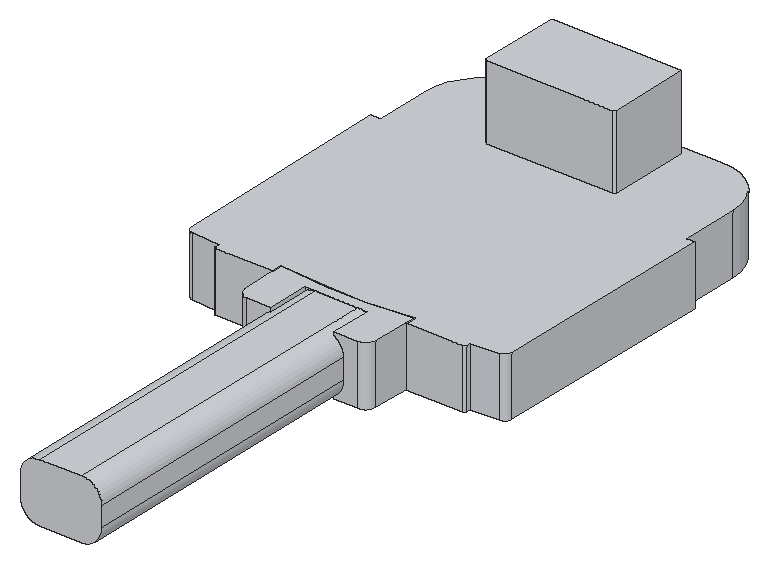
Revit family "Deca_Caixa de descarga embutida para alvenaria e drywall para bacia de piso_Caixa embutida Hydra_2500.CX.AF", category Plumbing Fixtures, host Face, Revit 2019
Family settings
  Host = Face
  Round Connector Dimension = Use Radius
  Part Type = Normal
  Cut with Voids When Loaded = Yes
  Shared = No
  Room Calculation Point = No
Parameters (values of type "2500.CX.MC.AF")
  Visibilidade Mecanismo Interno = yes
  Vazão na Pressão mín. (L/min) = "-"
  Vazão na Pressão máx. (L/min) = "-"
  URL = "www.deca.com.br"
  Tipo de rosca de saída = "BSP NBR 8133"
  Tipo de rosca de entrada = "BSP NBR 8133"
  Tipo de mecanismo utilizado = "-"
  Tipo de dispositivo economizador = "-"
  Segmento = "Válvula Hydra"
  Saída de Esgoto = "-"
  Raio Água Fria Saída = 20 mm  # constant formula
  Raio Água Fria = 7.5 mm  # constant formula
  Pressão mín. funcionamento = "2 MCA"
  Pressão mín. Aquec. Passagem = "-"
  Pressão mín. Aquec. Acúmulo = "-"
  Pressão máx. funcionamento = "40 MCA"
  Peso Líquido (Kg) = 3.835
  Norma = "NBR15491"
  Model = "2500.CX.MC.AF"
  Manufacturer = "Deca"
  Linha = "Caixa embutida Hydra"
  Itens de Instalação = "4900.C.HPR.DUO; 4900.C.HSL.DUO; 4900.E.HSL.DUO.BR"
  Informações Complementares = "-"
  Diâmetro Água Fria Saída = 2 * Raio Água Fria Saída  # 40 mm
  Diâmetro Água Fria = 2 * Raio Água Fria  # 15 mm
  Distância [instance] = 30 mm
  Description = "Caixa de descarga embutida para alvenaria e drywall para bacia de piso"
  Default Elevation = 330 mm
  Código Pai = "2500.CX.AF"
  Criado por = "quattroD"
  Cores Componente = "-"
  Cor Secundária = "-"
  Cor Principal = "Não Possui"
  Cor Interna = "-"
  Consumo = "6 / 3 (lpf) - 1,6 / 0,8 (gpf)"
  Composição Componente = "-"
  Composição Básica = "Liga cobre (bronze e latão),Aço,Plástico de Engenharia,Elastômeros"
  Composição Assento = "-"
  Composição Anel Vedação = "-"
  Categoria = "SISTEMAS DE DESCARGA"
  Atendimento ao Cliente = "0800-0117073"
  Aprovado por = "quattroD"
  Acompanha o Produto = "Acompanha Spud e Canopla"
Reference planes
  plane 1 "Center (Front/Back)": y = 0
  plane 2: z = 0
  plane 3 "Center (Left/Right)": x = 16.825
  plane 4: z = -30
  plane 5: z = -40
Forms (mm)
  Extrusion 1, void
    sketch origin (0, 0, 0) x (0, 1, 0) y (1, 0, 0)
      loop
        circle (54.916, 16.825) r 40
      loop
        line (978.347, 108.924) -> (865.456, 108.726) -> (862.75, 106.02) -> (862.75, -72.37) -> (865.456, -75.076) -> (978.544, -75.076) -> (981.25, -72.37) -> (981.25, 106.02) -> (978.347, 108.924)
    from 125.754 to -250
  Extrusion 2, solid
    sketch origin (46.555, 0, -49.254) x (-1, 0, 0) y (0, -1, 0)
      loop
        line (118.925, -981.25) -> (121.631, -978.544) -> (121.631, -865.456) -> (118.925, -862.75) -> (-59.465, -862.75) -> (-62.369, -865.653) -> (-62.172, -978.544) -> (-59.465, -981.25) -> (118.925, -981.25)
    from 104.448 to 0
  Extrusion 3, solid
    sketch origin (-40.675, 0, -115.754) x (1, 0, 0) y (0, 0, 1)
      loop
        line (0, 38.73) -> (0, 10.224)
        arc (0, 10.224) -> (8.134, -9.413) -> (27.77, -17.546) r 27.77
        line (27.77, -17.546) -> (87.23, -17.546)
        arc (87.23, -17.546) -> (106.866, -9.413) -> (115, 10.224) r 27.77
        line (115, 10.224) -> (115, 38.73)
        arc (115, 38.73) -> (106.866, 58.366) -> (87.23, 66.5) r 27.77
        line (87.23, 66.5) -> (27.77, 66.5)
        arc (27.77, 66.5) -> (8.134, 58.366) -> (0, 38.73) r 27.77
    from 0 to -486
  Extrusion 4, solid
    sketch origin (46.555, 0, -49.254) x (-1, 0, 0) y (0, -1, 0)
      loop
        arc (255.806, -512.926) -> (253.149, -506.225) -> (246.678, -503.051) r 10
        line (246.678, -503.051) -> (207.23, -499.6) -> (207.23, -494.7)
        arc (207.23, -494.7) -> (206.351, -492.579) -> (204.23, -491.7) r 3
        line (204.23, -491.7) -> (123.824, -491.7) -> (124.359, -507.02) -> (57.061, -501.132) -> (2.399, -501.132) -> (-64.9, -507.02) -> (-64.365, -491.7) -> (-144.77, -491.7)
        arc (-144.77, -491.7) -> (-146.892, -492.579) -> (-147.77, -494.7) r 3
        line (-147.77, -494.7) -> (-147.77, -499.6) -> (-187.218, -503.051)
        arc (-187.218, -503.051) -> (-193.69, -506.225) -> (-196.346, -512.926) r 10
        line (-196.346, -512.926) -> (-199.139, -833) -> (-188.152, -833) -> (-188.152, -914)
        arc (-188.152, -914) -> (-164.5, -969.55) -> (-108.064, -991) r 77.06
        line (-108.064, -991) -> (164.642, -991)
        arc (164.642, -991) -> (221.078, -969.55) -> (244.73, -914) r 77.06
        line (244.73, -914) -> (244.73, -833) -> (258.599, -833) -> (255.806, -512.926)
    from 0 to -84.046
  Extrusion 5, solid
    sketch origin (0, 0, 10) x (1, 0, 0) y (0, 0, 1)
      loop
        circle (-50.675, -98.991) r 13.036
    from -991 to -1024.15
  Extrusion 6, solid
    sketch origin (46.555, 0, -49.254) x (-1, 0, 0) y (0, -1, 0)
      loop
        arc (122.035, -440.477) -> (117.795, -430.24) -> (107.559, -426) r 14.477
        line (107.559, -426) -> (73.73, -426) -> (73.73, -486) -> (-14.27, -486) -> (-14.27, -426) -> (-48.099, -426)
        arc (-48.099, -426) -> (-58.336, -430.24) -> (-62.576, -440.477) r 14.477
        line (-62.576, -440.477) -> (-64.9, -507.02) -> (2.399, -501.132) -> (57.061, -501.132) -> (124.359, -507.02) -> (122.035, -440.477)
    from 0 to -84.046
  Extrusion 7, solid, not visible
    sketch origin (46.555, 0, -59.254) x (-1, 0, 0) y (0, -1, 0)
      loop
        line (118.925, -981.25) -> (121.631, -978.544) -> (121.631, -865.456) -> (118.925, -862.75) -> (-59.465, -862.75) -> (-62.369, -865.653) -> (-62.172, -978.544) -> (-59.465, -981.25) -> (118.925, -981.25)
    from 104.448 to 0
  Extrusion 8, solid, not visible
    sketch origin (-40.675, 0, -125.754) x (1, 0, 0) y (0, 0, 1)
      loop
        line (0, 38.73) -> (0, 10.224)
        arc (0, 10.224) -> (8.134, -9.413) -> (27.77, -17.546) r 27.77
        line (27.77, -17.546) -> (87.23, -17.546)
        arc (87.23, -17.546) -> (106.866, -9.413) -> (115, 10.224) r 27.77
        line (115, 10.224) -> (115, 38.73)
        arc (115, 38.73) -> (106.866, 58.366) -> (87.23, 66.5) r 27.77
        line (87.23, 66.5) -> (27.77, 66.5)
        arc (27.77, 66.5) -> (8.134, 58.366) -> (0, 38.73) r 27.77
    from 0 to -486
  Extrusion 9, solid, not visible
    sketch origin (46.555, 0, -59.254) x (-1, 0, 0) y (0, -1, 0)
      loop
        arc (255.806, -512.926) -> (253.149, -506.225) -> (246.678, -503.051) r 10
        line (246.678, -503.051) -> (207.23, -499.6) -> (207.23, -494.7)
        arc (207.23, -494.7) -> (206.351, -492.579) -> (204.23, -491.7) r 3
        line (204.23, -491.7) -> (123.824, -491.7) -> (124.359, -507.02) -> (57.061, -501.132) -> (2.399, -501.132) -> (-64.9, -507.02) -> (-64.365, -491.7) -> (-144.77, -491.7)
        arc (-144.77, -491.7) -> (-146.892, -492.579) -> (-147.77, -494.7) r 3
        line (-147.77, -494.7) -> (-147.77, -499.6) -> (-187.218, -503.051)
        arc (-187.218, -503.051) -> (-193.69, -506.225) -> (-196.346, -512.926) r 10
        line (-196.346, -512.926) -> (-199.139, -833) -> (-188.152, -833) -> (-188.152, -914)
        arc (-188.152, -914) -> (-164.5, -969.55) -> (-108.064, -991) r 77.06
        line (-108.064, -991) -> (164.642, -991)
        arc (164.642, -991) -> (221.078, -969.55) -> (244.73, -914) r 77.06
        line (244.73, -914) -> (244.73, -833) -> (258.599, -833) -> (255.806, -512.926)
    from 0 to -84.046
  Extrusion 10, solid, not visible
    sketch origin (0, 0, 0) x (1, 0, 0) y (0, 0, 1)
      loop
        circle (-50.675, -98.991) r 13.036
    from -991 to -1024.15
  Extrusion 11, solid, not visible
    sketch origin (46.555, 0, -59.254) x (-1, 0, 0) y (0, -1, 0)
      loop
        arc (122.035, -440.477) -> (117.795, -430.24) -> (107.559, -426) r 14.477
        line (107.559, -426) -> (73.73, -426) -> (73.73, -486) -> (-14.27, -486) -> (-14.27, -426) -> (-48.099, -426)
        arc (-48.099, -426) -> (-58.336, -430.24) -> (-62.576, -440.477) r 14.477
        line (-62.576, -440.477) -> (-64.9, -507.02) -> (2.399, -501.132) -> (57.061, -501.132) -> (124.359, -507.02) -> (122.035, -440.477)
    from 0 to -84.046
Cuts and joins
  Extrusion 1 cuts ?
  Extrusion 1 cuts ?
  Extrusion 1 cuts ?
  Extrusion 1 cuts ?
Lines and regions (mm)
  Masking region 1, visible <- "Visibilidade Mecanismo Interno", detail levels fine
    outline origin (-2025.602, -762.455, 0) x (1, 0, 0) y (0, 1, 0)
      loop
        arc (2260.427, 1643.455) -> (2261.892, 1646.99) -> (2265.427, 1648.455) r 5
        line (2265.427, 1648.455) -> (2309.927, 1648.455)
        arc (2309.927, 1648.455) -> (2310.634, 1648.162) -> (2310.927, 1647.455) r 1
        line (2310.927, 1647.455) -> (2310.927, 1599.455)
        arc (2310.927, 1599.455) -> (2310.634, 1598.747) -> (2309.927, 1598.455) r 1
        line (2309.927, 1598.455) -> (2265.427, 1598.455)
        arc (2265.427, 1598.455) -> (2261.892, 1599.919) -> (2260.427, 1603.455) r 5
        line (2260.427, 1603.455) -> (2260.427, 1623.455) -> (2255.79, 1623.455) -> (2255.79, 1595.682)
        spline (2255.79, 1595.682) -> (2255.923, 1595.646) -> (2256.057, 1595.613) -> (2256.192, 1595.583) -> (2256.328, 1595.556) -> (2256.464, 1595.532) -> (2256.601, 1595.512) -> (2256.738, 1595.494) -> (2256.875, 1595.48) -> (2257.013, 1595.469) -> (2257.151, 1595.461) -> (2257.289, 1595.456) -> (2257.427, 1595.455)
        line (2257.427, 1595.455) -> (2271.296, 1595.455) -> (2268.503, 1275.381)
        arc (2268.503, 1275.381) -> (2265.847, 1268.68) -> (2259.375, 1265.506) r 10
        line (2259.375, 1265.506) -> (2219.927, 1262.055) -> (2219.927, 1257.155)
        arc (2219.927, 1257.155) -> (2219.049, 1255.033) -> (2216.927, 1254.155) r 3
        line (2216.927, 1254.155) -> (2136.522, 1254.155) -> (2134.733, 1202.931)
        arc (2134.733, 1202.931) -> (2130.493, 1192.695) -> (2120.256, 1188.455) r 14.477
        line (2120.256, 1188.455) -> (2107.427, 1188.455) -> (2107.427, 917.329)
        arc (2107.427, 917.329) -> (2105.734, 912.074) -> (2101.291, 908.796) r 9
        arc (2101.291, 908.796) -> (2100.318, 908.088) -> (2099.927, 906.95) r 2.001
        line (2099.927, 906.95) -> (2099.927, 774.455)
        arc (2099.927, 774.455) -> (2096.413, 765.969) -> (2087.927, 762.455) r 12
        line (2087.927, 762.455) -> (1996.927, 762.455)
        arc (1996.927, 762.455) -> (1988.442, 765.969) -> (1984.927, 774.455) r 12
        line (1984.927, 774.455) -> (1984.927, 906.9)
        arc (1984.927, 906.9) -> (1984.551, 908.068) -> (1983.564, 908.796) r 2
        arc (1983.564, 908.796) -> (1979.121, 912.074) -> (1977.427, 917.329) r 9
        line (1977.427, 917.329) -> (1977.427, 1188.455) -> (1964.598, 1188.455)
        arc (1964.598, 1188.455) -> (1954.362, 1192.695) -> (1950.122, 1202.931) r 14.477
        line (1950.122, 1202.931) -> (1948.333, 1254.155) -> (1867.927, 1254.155)
        arc (1867.927, 1254.155) -> (1865.806, 1255.033) -> (1864.927, 1257.155) r 3
        line (1864.927, 1257.155) -> (1864.927, 1262.055) -> (1825.48, 1265.506)
        arc (1825.48, 1265.506) -> (1819.008, 1268.68) -> (1816.352, 1275.381) r 10
        line (1816.352, 1275.381) -> (1813.558, 1595.455) -> (1827.427, 1595.455)
        spline (1827.427, 1595.455) -> (1827.667, 1595.459) -> (1827.905, 1595.474) -> (1828.143, 1595.497) -> (1828.38, 1595.531) -> (1828.616, 1595.573) -> (1828.849, 1595.626) -> (1829.081, 1595.687) -> (1829.309, 1595.757) -> (1829.535, 1595.837) -> (1829.757, 1595.925) -> (1829.976, 1596.023) -> (1830.19, 1596.129)
        line (1830.19, 1596.129) -> (1830.19, 1623.455) -> (1824.869, 1623.455)
        arc (1824.869, 1623.455) -> (1824.83, 1619.874) -> (1824.617, 1616.3) r 73.649
        arc (1824.617, 1616.3) -> (1824.475, 1613.818) -> (1824.427, 1611.333) r 65.312
        line (1824.427, 1611.333) -> (1824.427, 1603.455)
        arc (1824.427, 1603.455) -> (1822.963, 1599.919) -> (1819.427, 1598.455) r 5
        line (1819.427, 1598.455) -> (1774.927, 1598.455)
        arc (1774.927, 1598.455) -> (1774.22, 1598.747) -> (1773.927, 1599.455) r 1
        line (1773.927, 1599.455) -> (1773.927, 1627.911) -> (1762.526, 1627.911) -> (1762.526, 1740.998) -> (1843.927, 1740.998) -> (1843.927, 1776.205)
        arc (1843.927, 1776.205) -> (1845.742, 1781.708) -> (1850.475, 1785.051) r 9.25
        arc (1850.475, 1785.051) -> (1873.27, 1788.455) -> (1896.065, 1785.051) r 78.036
        arc (1896.065, 1785.051) -> (1900.552, 1782.027) -> (1902.579, 1777.01) r 9.251
        line (1902.579, 1777.01) -> (1904.64, 1753.455) -> (1952.927, 1753.455) -> (1952.927, 1760.105)
        arc (1952.927, 1760.105) -> (1953.323, 1761.059) -> (1954.277, 1761.455) r 1.35
        line (1954.277, 1761.455) -> (1965.627, 1761.455) -> (1965.627, 1766.105) -> (1964.527, 1766.105) -> (1964.132, 1767.597) -> (1964.132, 1774.207) -> (1965.627, 1775.105) -> (1965.627, 1786.605) -> (1984.227, 1786.605) -> (1984.227, 1775.105) -> (1985.727, 1774.205) -> (1985.727, 1767.597) -> (1985.327, 1766.105) -> (1984.227, 1766.105) -> (1984.227, 1761.455) -> (1995.577, 1761.455)
        arc (1995.577, 1761.455) -> (1996.551, 1761.04) -> (1996.926, 1760.05) r 1.35
        line (1996.926, 1760.05) -> (1996.926, 1753.455) -> (2020.427, 1753.455) -> (2020.427, 1760.105)
        arc (2020.427, 1760.105) -> (2020.823, 1761.059) -> (2021.777, 1761.455) r 1.35
        line (2021.777, 1761.455) -> (2063.077, 1761.455)
        arc (2063.077, 1761.455) -> (2064.032, 1761.059) -> (2064.427, 1760.105) r 1.35
        line (2064.427, 1760.105) -> (2064.427, 1753.455) -> (2087.927, 1753.455) -> (2087.927, 1760.105)
        arc (2087.927, 1760.105) -> (2088.323, 1761.059) -> (2089.277, 1761.455) r 1.35
        line (2089.277, 1761.455) -> (2130.577, 1761.455)
        arc (2130.577, 1761.455) -> (2131.532, 1761.059) -> (2131.927, 1760.105) r 1.35
        line (2131.927, 1760.105) -> (2131.927, 1753.455) -> (2180.221, 1753.455) -> (2182.276, 1777.011)
        arc (2182.276, 1777.011) -> (2184.3, 1782.024) -> (2188.781, 1785.049) r 9.247
        arc (2188.781, 1785.049) -> (2211.528, 1788.511) -> (2234.275, 1785.049) r 76.467
        arc (2234.275, 1785.049) -> (2239.088, 1781.741) -> (2240.941, 1776.203) r 9.202
        line (2240.941, 1776.203) -> (2240.941, 1728.493)
        arc (2240.941, 1728.493) -> (2255.292, 1704.211) -> (2260.309, 1676.455) r 79.877
        line (2260.309, 1676.455) -> (2260.309, 1643.455)
  Masking region 2, visible <- "Visibilidade Mecanismo Interno", detail levels fine
    outline origin (16.825, -1592.927, -1975.205) x (0, 1, 0) y (0, 0, 1)
      loop
        line (2455.677, 1945.205) -> (2449.677, 1945.205) -> (2449.677, 1943.645) -> (2455.677, 1943.645) -> (2455.677, 1940.399) -> (2449.677, 1940.399) -> (2449.677, 1935.149) -> (2580.177, 1935.149) -> (2580.177, 1940.399) -> (2574.177, 1940.399) -> (2574.177, 1943.645) -> (2580.177, 1943.645) -> (2580.177, 1945.205) -> (2574.177, 1945.205) -> (2574.177, 2030.399) -> (2455.677, 2030.399) -> (2455.677, 1945.205)
      loop
        line (1601.027, 1925.952) -> (1694.827, 1925.952) -> (1694.827, 1969.952)
        arc (1694.827, 1969.952) -> (1694.534, 1970.659) -> (1693.827, 1970.952) r 1
        line (1693.827, 1970.952) -> (1602.027, 1970.952)
        arc (1602.027, 1970.952) -> (1601.319, 1970.659) -> (1601.027, 1969.952) r 1
        line (1601.027, 1969.952) -> (1601.027, 1925.952)
  Masking region 3, visible <- "Visibilidade Mecanismo Interno", detail levels fine
    outline origin (16.825, -1592.927, -1975.205) x (0, 1, 0) y (0, 0, 1)
      loop
        arc (1592.927, 1858.452) -> (1596.441, 1849.966) -> (1604.927, 1846.452) r 12
        line (1604.927, 1846.452) -> (2095.086, 1846.452)
        arc (2095.086, 1846.452) -> (2098.087, 1845.459) -> (2101.229, 1845.118) r 15
        line (2101.229, 1845.118) -> (2390.927, 1844.336) -> (2390.927, 1842.836) -> (2440.927, 1842.702) -> (2440.927, 1849.702) -> (2453.927, 1849.702) -> (2453.927, 1848.254) -> (2574.227, 1848.254)
        arc (2574.227, 1848.254) -> (2581.085, 1851.095) -> (2583.927, 1857.954) r 9.7
        line (2583.927, 1857.954) -> (2583.927, 1859.748) -> (2584.764, 1859.821)
        arc (2584.764, 1859.821) -> (2585.454, 1860.098) -> (2585.91, 1860.685) r 1.423
        arc (2585.91, 1860.685) -> (2586.155, 1861.364) -> (2586.331, 1862.064) r 7.257
        arc (2586.331, 1862.064) -> (2586.502, 1863.128) -> (2586.59, 1864.202) r 14.058
        line (2586.59, 1864.202) -> (2590.577, 1864.202)
        arc (2590.577, 1864.202) -> (2591.531, 1864.597) -> (2591.927, 1865.552) r 1.35
        line (2591.927, 1865.552) -> (2591.927, 1876.902) -> (2596.577, 1876.902) -> (2605.577, 1876.902) -> (2617.077, 1876.902) -> (2617.077, 1895.502) -> (2605.577, 1895.502) -> (2596.577, 1895.502) -> (2591.927, 1895.502) -> (2591.927, 1906.852)
        arc (2591.927, 1906.852) -> (2591.531, 1907.806) -> (2590.577, 1908.202) r 1.35
        line (2590.577, 1908.202) -> (2583.927, 1908.202) -> (2583.927, 1914.449)
        arc (2583.927, 1914.449) -> (2581.085, 1921.308) -> (2574.227, 1924.149) r 9.7
        line (2574.227, 1924.149) -> (2581.927, 1924.149) -> (2581.927, 1935.149) -> (2456.927, 1935.149) -> (2456.927, 1924.149) -> (2453.927, 1924.149) -> (2453.927, 1919.599) -> (2441.247, 1919.599) -> (2441.247, 1929.702) -> (2390.904, 1929.567) -> (2390.904, 1928.067) -> (2116.685, 1927.327) -> (2078.927, 1925.952) -> (1592.927, 1925.952) -> (1592.927, 1858.452)
  Masking region 4, visible <- "Visibilidade Mecanismo Interno", detail levels fine
    outline origin (-1648.315, 0, -2324.929) x (1, 0, 0) y (0, 0, 1)
      loop
        line (1573.239, 2380.122) -> (1573.239, 2294.929) -> (1567.239, 2294.929) -> (1567.343, 2293.369) -> (1573.338, 2293.369) -> (1573.338, 2290.123) -> (1622.339, 2290.123) -> (1622.339, 2284.873) -> (1708.139, 2284.873) -> (1708.139, 2290.123) -> (1757.141, 2290.123) -> (1757.141, 2293.369) -> (1763.239, 2293.369) -> (1763.239, 2294.929) -> (1757.141, 2294.929) -> (1757.141, 2380.122) -> (1573.239, 2380.122)
  Masking region 5, visible <- "Visibilidade Mecanismo Interno", detail levels fine
    outline origin (-1648.315, 0, -2324.929) x (1, 0, 0) y (0, 0, 1)
      loop
        line (1621.239, 2284.873) -> (1621.239, 2277.925) -> (1471.228, 2277.925) -> (1465.014, 2277.912) -> (1462.387, 2276.885) -> (1446.37, 2276.885)
        spline (1446.37, 2276.885) -> (1445.065, 2276.799) -> (1443.782, 2276.544) -> (1442.543, 2276.124) -> (1441.37, 2275.545) -> (1440.283, 2274.818) -> (1439.299, 2273.956) -> (1438.437, 2272.973) -> (1437.71, 2271.885) -> (1437.131, 2270.712) -> (1436.711, 2269.473) -> (1436.456, 2268.19) -> (1436.37, 2266.885)
        line (1436.37, 2266.885) -> (1436.37, 2265.586) -> (1436.239, 2264.425) -> (1436.239, 2249.925) -> (1396.739, 2249.925) -> (1396.739, 2241.925) -> (1421.239, 2241.925) -> (1421.239, 2231.925) -> (1422.959, 2228.947) -> (1425.489, 2228.925)
        arc (1425.489, 2228.925) -> (1433.806, 2223.365) -> (1431.846, 2213.554) r 9
        line (1431.846, 2213.554) -> (1436.239, 2205.945) -> (1436.239, 2199.425) -> (1438.045, 2199.425)
        spline (1438.045, 2199.425) -> (1438.527, 2198.762) -> (1439.061, 2198.141) -> (1439.644, 2197.565) -> (1440.273, 2197.04) -> (1440.942, 2196.567) -> (1441.648, 2196.151) -> (1442.386, 2195.794) -> (1443.15, 2195.498) -> (1443.936, 2195.267) -> (1444.738, 2195.1) -> (1445.551, 2194.999) -> (1446.37, 2194.966)
        line (1446.37, 2194.966) -> (1462.387, 2194.966) -> (1465.014, 2193.939) -> (1469.863, 2193.928) -> (1663.737, 2193.928) -> (1664.857, 2192.603)
        arc (1664.857, 2192.603) -> (1665.239, 2192.425) -> (1665.621, 2192.603) r 0.5
        line (1665.621, 2192.603) -> (1666.739, 2193.925) -> (1860.616, 2193.925) -> (1865.464, 2193.939) -> (1868.096, 2194.944) -> (1884.108, 2194.966)
        spline (1884.108, 2194.966) -> (1884.927, 2194.999) -> (1885.74, 2195.1) -> (1886.542, 2195.267) -> (1887.328, 2195.498) -> (1888.093, 2195.794) -> (1888.83, 2196.151) -> (1889.536, 2196.567) -> (1890.206, 2197.04) -> (1890.834, 2197.565) -> (1891.417, 2198.141) -> (1891.952, 2198.762) -> (1892.433, 2199.425)
        line (1892.433, 2199.425) -> (1894.239, 2199.425) -> (1894.239, 2205.945) -> (1898.633, 2213.554)
        arc (1898.633, 2213.554) -> (1896.672, 2223.365) -> (1904.989, 2228.925) r 9
        line (1904.989, 2228.925) -> (1907.52, 2228.947) -> (1909.239, 2231.925) -> (1909.239, 2241.925) -> (1933.739, 2241.925) -> (1933.739, 2249.925) -> (1894.239, 2249.925) -> (1894.239, 2264.413) -> (1894.108, 2265.314) -> (1894.108, 2266.885)
        spline (1894.108, 2266.885) -> (1894.023, 2268.19) -> (1893.768, 2269.473) -> (1893.347, 2270.712) -> (1892.769, 2271.885) -> (1892.042, 2272.973) -> (1891.179, 2273.956) -> (1890.196, 2274.818) -> (1889.108, 2275.545) -> (1887.935, 2276.124) -> (1886.696, 2276.544) -> (1885.413, 2276.799) -> (1884.108, 2276.885)
        line (1884.108, 2276.885) -> (1880.24, 2276.885)
        spline (1880.24, 2276.885) -> (1879.904, 2276.885) -> (1879.57, 2276.885) -> (1879.238, 2276.885) -> (1878.909, 2276.885) -> (1878.584, 2276.885) -> (1878.264, 2276.886) -> (1877.951, 2276.886) -> (1877.645, 2276.886) -> (1877.346, 2276.887) -> (1877.057, 2276.887) -> (1876.778, 2276.888) -> (1876.509, 2276.888)
        line (1876.509, 2276.888) -> (1868.092, 2276.906) -> (1865.464, 2277.912) -> (1859.25, 2277.925) -> (1708.202, 2277.925) -> (1708.139, 2284.873) -> (1621.239, 2284.873)
  Masking region 6, visible <- "Visibilidade Mecanismo Interno", not visible, detail levels fine
    outline origin (16.825, -1592.927, -2005.205) x (0, 1, 0) y (0, 0, 1)
      loop
        line (2455.677, 1945.205) -> (2449.677, 1945.205) -> (2449.677, 1943.645) -> (2455.677, 1943.645) -> (2455.677, 1940.399) -> (2449.677, 1940.399) -> (2449.677, 1935.149) -> (2580.177, 1935.149) -> (2580.177, 1940.399) -> (2574.177, 1940.399) -> (2574.177, 1943.645) -> (2580.177, 1943.645) -> (2580.177, 1945.205) -> (2574.177, 1945.205) -> (2574.177, 2030.399) -> (2455.677, 2030.399) -> (2455.677, 1945.205)
      loop
        line (1601.027, 1925.952) -> (1694.827, 1925.952) -> (1694.827, 1969.952)
        arc (1694.827, 1969.952) -> (1694.534, 1970.659) -> (1693.827, 1970.952) r 1
        line (1693.827, 1970.952) -> (1602.027, 1970.952)
        arc (1602.027, 1970.952) -> (1601.319, 1970.659) -> (1601.027, 1969.952) r 1
        line (1601.027, 1969.952) -> (1601.027, 1925.952)
  Masking region 7, visible <- "Visibilidade Mecanismo Interno", not visible, detail levels fine
    outline origin (16.825, -1592.927, -2005.205) x (0, 1, 0) y (0, 0, 1)
      loop
        arc (1592.927, 1858.452) -> (1596.441, 1849.966) -> (1604.927, 1846.452) r 12
        line (1604.927, 1846.452) -> (2095.086, 1846.452)
        arc (2095.086, 1846.452) -> (2098.087, 1845.459) -> (2101.229, 1845.118) r 15
        line (2101.229, 1845.118) -> (2390.927, 1844.336) -> (2390.927, 1842.836) -> (2440.927, 1842.702) -> (2440.927, 1849.702) -> (2453.927, 1849.702) -> (2453.927, 1848.254) -> (2574.227, 1848.254)
        arc (2574.227, 1848.254) -> (2581.085, 1851.095) -> (2583.927, 1857.954) r 9.7
        line (2583.927, 1857.954) -> (2583.927, 1859.748) -> (2584.764, 1859.821)
        arc (2584.764, 1859.821) -> (2585.454, 1860.098) -> (2585.91, 1860.685) r 1.423
        arc (2585.91, 1860.685) -> (2586.155, 1861.364) -> (2586.331, 1862.064) r 7.257
        arc (2586.331, 1862.064) -> (2586.502, 1863.128) -> (2586.59, 1864.202) r 14.058
        line (2586.59, 1864.202) -> (2590.577, 1864.202)
        arc (2590.577, 1864.202) -> (2591.531, 1864.597) -> (2591.927, 1865.552) r 1.35
        line (2591.927, 1865.552) -> (2591.927, 1876.902) -> (2596.577, 1876.902) -> (2605.577, 1876.902) -> (2617.077, 1876.902) -> (2617.077, 1895.502) -> (2605.577, 1895.502) -> (2596.577, 1895.502) -> (2591.927, 1895.502) -> (2591.927, 1906.852)
        arc (2591.927, 1906.852) -> (2591.531, 1907.806) -> (2590.577, 1908.202) r 1.35
        line (2590.577, 1908.202) -> (2583.927, 1908.202) -> (2583.927, 1914.449)
        arc (2583.927, 1914.449) -> (2581.085, 1921.308) -> (2574.227, 1924.149) r 9.7
        line (2574.227, 1924.149) -> (2581.927, 1924.149) -> (2581.927, 1935.149) -> (2456.927, 1935.149) -> (2456.927, 1924.149) -> (2453.927, 1924.149) -> (2453.927, 1919.599) -> (2441.247, 1919.599) -> (2441.247, 1929.702) -> (2390.904, 1929.567) -> (2390.904, 1928.067) -> (2116.685, 1927.327) -> (2078.927, 1925.952) -> (1592.927, 1925.952) -> (1592.927, 1858.452)
  Masking region 8, visible <- "Visibilidade Mecanismo Interno", not visible, detail levels fine
    outline origin (-1648.315, 0, -2314.929) x (1, 0, 0) y (0, 0, 1)
      loop
        line (1573.239, 2380.122) -> (1573.239, 2294.929) -> (1567.239, 2294.929) -> (1567.343, 2293.369) -> (1573.338, 2293.369) -> (1573.338, 2290.123) -> (1622.339, 2290.123) -> (1622.339, 2284.873) -> (1708.139, 2284.873) -> (1708.139, 2290.123) -> (1757.141, 2290.123) -> (1757.141, 2293.369) -> (1763.239, 2293.369) -> (1763.239, 2294.929) -> (1757.141, 2294.929) -> (1757.141, 2380.122) -> (1573.239, 2380.122)
  Masking region 9, visible <- "Visibilidade Mecanismo Interno", not visible, detail levels fine
    outline origin (-1648.315, 0, -2314.929) x (1, 0, 0) y (0, 0, 1)
      loop
        line (1621.239, 2284.873) -> (1621.239, 2277.925) -> (1471.228, 2277.925) -> (1465.014, 2277.912) -> (1462.387, 2276.885) -> (1446.37, 2276.885)
        spline (1446.37, 2276.885) -> (1445.065, 2276.799) -> (1443.782, 2276.544) -> (1442.543, 2276.124) -> (1441.37, 2275.545) -> (1440.283, 2274.818) -> (1439.299, 2273.956) -> (1438.437, 2272.973) -> (1437.71, 2271.885) -> (1437.131, 2270.712) -> (1436.711, 2269.473) -> (1436.456, 2268.19) -> (1436.37, 2266.885)
        line (1436.37, 2266.885) -> (1436.37, 2265.586) -> (1436.239, 2264.425) -> (1436.239, 2249.925) -> (1396.739, 2249.925) -> (1396.739, 2241.925) -> (1421.239, 2241.925) -> (1421.239, 2231.925) -> (1422.959, 2228.947) -> (1425.489, 2228.925)
        arc (1425.489, 2228.925) -> (1433.806, 2223.365) -> (1431.846, 2213.554) r 9
        line (1431.846, 2213.554) -> (1436.239, 2205.945) -> (1436.239, 2199.425) -> (1438.045, 2199.425)
        spline (1438.045, 2199.425) -> (1438.527, 2198.762) -> (1439.061, 2198.141) -> (1439.644, 2197.565) -> (1440.273, 2197.04) -> (1440.942, 2196.567) -> (1441.648, 2196.151) -> (1442.386, 2195.794) -> (1443.15, 2195.498) -> (1443.936, 2195.267) -> (1444.738, 2195.1) -> (1445.551, 2194.999) -> (1446.37, 2194.966)
        line (1446.37, 2194.966) -> (1462.387, 2194.966) -> (1465.014, 2193.939) -> (1469.863, 2193.928) -> (1663.737, 2193.928) -> (1664.857, 2192.603)
        arc (1664.857, 2192.603) -> (1665.239, 2192.425) -> (1665.621, 2192.603) r 0.5
        line (1665.621, 2192.603) -> (1666.739, 2193.925) -> (1860.616, 2193.925) -> (1865.464, 2193.939) -> (1868.096, 2194.944) -> (1884.108, 2194.966)
        spline (1884.108, 2194.966) -> (1884.927, 2194.999) -> (1885.74, 2195.1) -> (1886.542, 2195.267) -> (1887.328, 2195.498) -> (1888.093, 2195.794) -> (1888.83, 2196.151) -> (1889.536, 2196.567) -> (1890.206, 2197.04) -> (1890.834, 2197.565) -> (1891.417, 2198.141) -> (1891.952, 2198.762) -> (1892.433, 2199.425)
        line (1892.433, 2199.425) -> (1894.239, 2199.425) -> (1894.239, 2205.945) -> (1898.633, 2213.554)
        arc (1898.633, 2213.554) -> (1896.672, 2223.365) -> (1904.989, 2228.925) r 9
        line (1904.989, 2228.925) -> (1907.52, 2228.947) -> (1909.239, 2231.925) -> (1909.239, 2241.925) -> (1933.739, 2241.925) -> (1933.739, 2249.925) -> (1894.239, 2249.925) -> (1894.239, 2264.413) -> (1894.108, 2265.314) -> (1894.108, 2266.885)
        spline (1894.108, 2266.885) -> (1894.023, 2268.19) -> (1893.768, 2269.473) -> (1893.347, 2270.712) -> (1892.769, 2271.885) -> (1892.042, 2272.973) -> (1891.179, 2273.956) -> (1890.196, 2274.818) -> (1889.108, 2275.545) -> (1887.935, 2276.124) -> (1886.696, 2276.544) -> (1885.413, 2276.799) -> (1884.108, 2276.885)
        line (1884.108, 2276.885) -> (1880.24, 2276.885)
        spline (1880.24, 2276.885) -> (1879.904, 2276.885) -> (1879.57, 2276.885) -> (1879.238, 2276.885) -> (1878.909, 2276.885) -> (1878.584, 2276.885) -> (1878.264, 2276.886) -> (1877.951, 2276.886) -> (1877.645, 2276.886) -> (1877.346, 2276.887) -> (1877.057, 2276.887) -> (1876.778, 2276.888) -> (1876.509, 2276.888)
        line (1876.509, 2276.888) -> (1868.092, 2276.906) -> (1865.464, 2277.912) -> (1859.25, 2277.925) -> (1708.202, 2277.925) -> (1708.139, 2284.873) -> (1621.239, 2284.873)
  Masking region 10, visible <- "Visibilidade Mecanismo Interno", not visible, detail levels fine
    outline origin (-1648.315, 0, -2334.929) x (1, 0, 0) y (0, 0, 1)
      loop
        line (1573.239, 2380.122) -> (1573.239, 2294.929) -> (1567.239, 2294.929) -> (1567.343, 2293.369) -> (1573.338, 2293.369) -> (1573.338, 2290.123) -> (1622.339, 2290.123) -> (1622.339, 2284.873) -> (1708.139, 2284.873) -> (1708.139, 2290.123) -> (1757.141, 2290.123) -> (1757.141, 2293.369) -> (1763.239, 2293.369) -> (1763.239, 2294.929) -> (1757.141, 2294.929) -> (1757.141, 2380.122) -> (1573.239, 2380.122)
  Masking region 11, visible <- "Visibilidade Mecanismo Interno", not visible, detail levels fine
    outline origin (-1648.315, 0, -2334.929) x (1, 0, 0) y (0, 0, 1)
      loop
        line (1621.239, 2284.873) -> (1621.239, 2277.925) -> (1471.228, 2277.925) -> (1465.014, 2277.912) -> (1462.387, 2276.885) -> (1446.37, 2276.885)
        spline (1446.37, 2276.885) -> (1445.065, 2276.799) -> (1443.782, 2276.544) -> (1442.543, 2276.124) -> (1441.37, 2275.545) -> (1440.283, 2274.818) -> (1439.299, 2273.956) -> (1438.437, 2272.973) -> (1437.71, 2271.885) -> (1437.131, 2270.712) -> (1436.711, 2269.473) -> (1436.456, 2268.19) -> (1436.37, 2266.885)
        line (1436.37, 2266.885) -> (1436.37, 2265.586) -> (1436.239, 2264.425) -> (1436.239, 2249.925) -> (1396.739, 2249.925) -> (1396.739, 2241.925) -> (1421.239, 2241.925) -> (1421.239, 2231.925) -> (1422.959, 2228.947) -> (1425.489, 2228.925)
        arc (1425.489, 2228.925) -> (1433.806, 2223.365) -> (1431.846, 2213.554) r 9
        line (1431.846, 2213.554) -> (1436.239, 2205.945) -> (1436.239, 2199.425) -> (1438.045, 2199.425)
        spline (1438.045, 2199.425) -> (1438.527, 2198.762) -> (1439.061, 2198.141) -> (1439.644, 2197.565) -> (1440.273, 2197.04) -> (1440.942, 2196.567) -> (1441.648, 2196.151) -> (1442.386, 2195.794) -> (1443.15, 2195.498) -> (1443.936, 2195.267) -> (1444.738, 2195.1) -> (1445.551, 2194.999) -> (1446.37, 2194.966)
        line (1446.37, 2194.966) -> (1462.387, 2194.966) -> (1465.014, 2193.939) -> (1469.863, 2193.928) -> (1663.737, 2193.928) -> (1664.857, 2192.603)
        arc (1664.857, 2192.603) -> (1665.239, 2192.425) -> (1665.621, 2192.603) r 0.5
        line (1665.621, 2192.603) -> (1666.739, 2193.925) -> (1860.616, 2193.925) -> (1865.464, 2193.939) -> (1868.096, 2194.944) -> (1884.108, 2194.966)
        spline (1884.108, 2194.966) -> (1884.927, 2194.999) -> (1885.74, 2195.1) -> (1886.542, 2195.267) -> (1887.328, 2195.498) -> (1888.093, 2195.794) -> (1888.83, 2196.151) -> (1889.536, 2196.567) -> (1890.206, 2197.04) -> (1890.834, 2197.565) -> (1891.417, 2198.141) -> (1891.952, 2198.762) -> (1892.433, 2199.425)
        line (1892.433, 2199.425) -> (1894.239, 2199.425) -> (1894.239, 2205.945) -> (1898.633, 2213.554)
        arc (1898.633, 2213.554) -> (1896.672, 2223.365) -> (1904.989, 2228.925) r 9
        line (1904.989, 2228.925) -> (1907.52, 2228.947) -> (1909.239, 2231.925) -> (1909.239, 2241.925) -> (1933.739, 2241.925) -> (1933.739, 2249.925) -> (1894.239, 2249.925) -> (1894.239, 2264.413) -> (1894.108, 2265.314) -> (1894.108, 2266.885)
        spline (1894.108, 2266.885) -> (1894.023, 2268.19) -> (1893.768, 2269.473) -> (1893.347, 2270.712) -> (1892.769, 2271.885) -> (1892.042, 2272.973) -> (1891.179, 2273.956) -> (1890.196, 2274.818) -> (1889.108, 2275.545) -> (1887.935, 2276.124) -> (1886.696, 2276.544) -> (1885.413, 2276.799) -> (1884.108, 2276.885)
        line (1884.108, 2276.885) -> (1880.24, 2276.885)
        spline (1880.24, 2276.885) -> (1879.904, 2276.885) -> (1879.57, 2276.885) -> (1879.238, 2276.885) -> (1878.909, 2276.885) -> (1878.584, 2276.885) -> (1878.264, 2276.886) -> (1877.951, 2276.886) -> (1877.645, 2276.886) -> (1877.346, 2276.887) -> (1877.057, 2276.887) -> (1876.778, 2276.888) -> (1876.509, 2276.888)
        line (1876.509, 2276.888) -> (1868.092, 2276.906) -> (1865.464, 2277.912) -> (1859.25, 2277.925) -> (1708.202, 2277.925) -> (1708.139, 2284.873) -> (1621.239, 2284.873)
  Masking region 12, visible <- "Visibilidade Mecanismo Interno", not visible, detail levels fine
    outline origin (16.825, -1592.927, -1985.205) x (0, 1, 0) y (0, 0, 1)
      loop
        line (2455.677, 1945.205) -> (2449.677, 1945.205) -> (2449.677, 1943.645) -> (2455.677, 1943.645) -> (2455.677, 1940.399) -> (2449.677, 1940.399) -> (2449.677, 1935.149) -> (2580.177, 1935.149) -> (2580.177, 1940.399) -> (2574.177, 1940.399) -> (2574.177, 1943.645) -> (2580.177, 1943.645) -> (2580.177, 1945.205) -> (2574.177, 1945.205) -> (2574.177, 2030.399) -> (2455.677, 2030.399) -> (2455.677, 1945.205)
      loop
        line (1601.027, 1925.952) -> (1694.827, 1925.952) -> (1694.827, 1969.952)
        arc (1694.827, 1969.952) -> (1694.534, 1970.659) -> (1693.827, 1970.952) r 1
        line (1693.827, 1970.952) -> (1602.027, 1970.952)
        arc (1602.027, 1970.952) -> (1601.319, 1970.659) -> (1601.027, 1969.952) r 1
        line (1601.027, 1969.952) -> (1601.027, 1925.952)
  Masking region 13, visible <- "Visibilidade Mecanismo Interno", not visible, detail levels fine
    outline origin (16.825, -1592.927, -1985.205) x (0, 1, 0) y (0, 0, 1)
      loop
        arc (1592.927, 1858.452) -> (1596.441, 1849.966) -> (1604.927, 1846.452) r 12
        line (1604.927, 1846.452) -> (2095.086, 1846.452)
        arc (2095.086, 1846.452) -> (2098.087, 1845.459) -> (2101.229, 1845.118) r 15
        line (2101.229, 1845.118) -> (2390.927, 1844.336) -> (2390.927, 1842.836) -> (2440.927, 1842.702) -> (2440.927, 1849.702) -> (2453.927, 1849.702) -> (2453.927, 1848.254) -> (2574.227, 1848.254)
        arc (2574.227, 1848.254) -> (2581.085, 1851.095) -> (2583.927, 1857.954) r 9.7
        line (2583.927, 1857.954) -> (2583.927, 1859.748) -> (2584.764, 1859.821)
        arc (2584.764, 1859.821) -> (2585.454, 1860.098) -> (2585.91, 1860.685) r 1.423
        arc (2585.91, 1860.685) -> (2586.155, 1861.364) -> (2586.331, 1862.064) r 7.257
        arc (2586.331, 1862.064) -> (2586.502, 1863.128) -> (2586.59, 1864.202) r 14.058
        line (2586.59, 1864.202) -> (2590.577, 1864.202)
        arc (2590.577, 1864.202) -> (2591.531, 1864.597) -> (2591.927, 1865.552) r 1.35
        line (2591.927, 1865.552) -> (2591.927, 1876.902) -> (2596.577, 1876.902) -> (2605.577, 1876.902) -> (2617.077, 1876.902) -> (2617.077, 1895.502) -> (2605.577, 1895.502) -> (2596.577, 1895.502) -> (2591.927, 1895.502) -> (2591.927, 1906.852)
        arc (2591.927, 1906.852) -> (2591.531, 1907.806) -> (2590.577, 1908.202) r 1.35
        line (2590.577, 1908.202) -> (2583.927, 1908.202) -> (2583.927, 1914.449)
        arc (2583.927, 1914.449) -> (2581.085, 1921.308) -> (2574.227, 1924.149) r 9.7
        line (2574.227, 1924.149) -> (2581.927, 1924.149) -> (2581.927, 1935.149) -> (2456.927, 1935.149) -> (2456.927, 1924.149) -> (2453.927, 1924.149) -> (2453.927, 1919.599) -> (2441.247, 1919.599) -> (2441.247, 1929.702) -> (2390.904, 1929.567) -> (2390.904, 1928.067) -> (2116.685, 1927.327) -> (2078.927, 1925.952) -> (1592.927, 1925.952) -> (1592.927, 1858.452)
  symbolic lines, visible <- "Visibilidade Mecanismo Interno", detail levels fine
    curve 1: arc (154.619, 991, 0) -> (187.602, 984.901, 0) -> (215.339, 966.038, 0) r 81.532
    curve 2: arc (215.339, 966.038, 0) -> (229.69, 941.756, 0) -> (234.707, 914, 0) r 79.877
    curve 3: line (215.339, 1013.749, 0) -> (215.339, 966.244, 0)
    curve 4: line (154.619, 991, 0) -> (156.674, 1014.556, 0)
    curve 5: arc (156.674, 1014.556, 0) -> (158.698, 1019.569, 0) -> (163.179, 1022.594, 0) r 9.247
    curve 6: arc (215.339, 1013.749, 0) -> (213.486, 1019.287, 0) -> (208.673, 1022.594, 0) r 9.202
    curve 7: arc (208.673, 1022.594, 0) -> (185.926, 1026.056, 0) -> (163.179, 1022.594, 0) r 76.467
    curve 8: line (168.575, 1015.5, 0) -> (203.575, 1015.5, 0)
    curve 9: arc (203.575, 1015.5, 0) -> (207.075, 1012, 0) -> (203.575, 1008.5, 0) r 3.5
    curve 10: line (203.575, 1008.5, 0) -> (168.575, 1008.5, 0)
    curve 11: arc (168.575, 1015.5, 0) -> (165.075, 1012, 0) -> (168.575, 1008.5, 0) r 3.5
    curve 12: line (285.325, 837, 0) -> (285.325, 885, 0)
    curve 13: arc (285.325, 885, 0) -> (285.032, 885.707, 0) -> (284.325, 886, 0) r 1
    curve 14: line (284.325, 886, 0) -> (239.825, 886, 0)
    curve 15: arc (239.825, 886, 0) -> (236.29, 884.536, 0) -> (234.825, 881, 0) r 5
    curve 16: line (234.825, 881, 0) -> (234.825, 841, 0)
    curve 17: arc (234.825, 841, 0) -> (236.29, 837.464, 0) -> (239.825, 836, 0) r 5
    curve 18: line (239.825, 836, 0) -> (284.325, 836, 0)
    curve 19: arc (284.325, 836, 0) -> (285.032, 836.293, 0) -> (285.325, 837, 0) r 1
    curve 20: line (60.825, 427.568, 0) -> (60.825, 485, 0)
    curve 21: arc (60.825, 485, 0) -> (60.532, 485.707, 0) -> (59.825, 486, 0) r 1
    curve 22: line (59.825, 486, 0) -> (-26.175, 486, 0)
    curve 23: line (-27.175, 427.466, 0) -> (-27.175, 485, 0)
    curve 24: line (-29.578, 426, 0) -> (-61.004, 426, 0)
    curve 25: line (-75.48, 440.477, 0) -> (-77.568, 500.244, 0)
    curve 26: line (-81.076, 865.456, 0) -> (-81.071, 862.74, 0)
    curve 27: spline (-81.071, 862.74, 0) -> (-81.019, 861.957, 0) -> (-80.865, 861.189, 0) -> (-80.612, 860.447, 0) -> (-80.264, 859.744, 0) -> (-79.828, 859.093, 0) -> (-79.31, 858.504, 0) -> (-78.721, 857.987, 0) -> (-78.068, 857.552, 0) -> (-77.365, 857.206, 0) -> (-76.623, 856.954, 0) -> (-75.854, 856.801, 0) -> (-75.071, 856.75, 0)
    curve 28: line (-75.071, 856.75, 0) -> (108.722, 856.75, 0)
    curve 29: spline (108.722, 856.75, 0) -> (109.504, 856.801, 0) -> (110.273, 856.954, 0) -> (111.015, 857.206, 0) -> (111.719, 857.552, 0) -> (112.371, 857.987, 0) -> (112.961, 858.504, 0) -> (113.478, 859.093, 0) -> (113.914, 859.744, 0) -> (114.262, 860.447, 0) -> (114.515, 861.189, 0) -> (114.669, 861.957, 0) -> (114.722, 862.74, 0)
    curve 30: line (114.722, 862.74, 0) -> (114.825, 922, 0)
    curve 31: line (114.825, 922, 0) -> (114.722, 981.26, 0)
    curve 32: spline (114.722, 981.26, 0) -> (114.669, 982.043, 0) -> (114.515, 982.811, 0) -> (114.262, 983.553, 0) -> (113.914, 984.256, 0) -> (113.478, 984.907, 0) -> (112.961, 985.496, 0) -> (112.371, 986.013, 0) -> (111.719, 986.448, 0) -> (111.015, 986.794, 0) -> (110.273, 987.046, 0) -> (109.504, 987.199, 0) -> (108.722, 987.25, 0)
    curve 33: line (108.722, 987.25, 0) -> (-75.071, 987.25, 0)
    curve 34: spline (-75.071, 987.25, 0) -> (-75.854, 987.199, 0) -> (-76.623, 987.046, 0) -> (-77.365, 986.794, 0) -> (-78.068, 986.448, 0) -> (-78.721, 986.013, 0) -> (-79.31, 985.496, 0) -> (-79.828, 984.907, 0) -> (-80.264, 984.256, 0) -> (-80.612, 983.553, 0) -> (-80.865, 982.811, 0) -> (-81.019, 982.043, 0) -> (-81.071, 981.26, 0)
    curve 35: line (-81.071, 981.26, 0) -> (-81.076, 978.544, 0)
    curve 36: line (-73.289, 865.636, 0) -> (-73.289, 978.364, 0)
    curve 37: arc (-73.289, 978.364, 0) -> (-72.996, 979.071, 0) -> (-72.289, 979.364, 0) r 1
    curve 38: line (-72.289, 979.364, 0) -> (105.94, 979.364, 0)
    curve 39: arc (105.94, 979.364, 0) -> (106.647, 979.071, 0) -> (106.94, 978.364, 0) r 1
    curve 40: line (106.94, 978.364, 0) -> (106.94, 865.636, 0)
    curve 41: arc (106.94, 865.636, 0) -> (106.647, 864.929, 0) -> (105.94, 864.636, 0) r 1
    curve 42: line (105.94, 864.636, 0) -> (-72.289, 864.636, 0)
    curve 43: arc (-72.289, 864.636, 0) -> (-72.996, 864.929, 0) -> (-73.289, 865.636, 0) r 1
    curve 44: circle (-123.075, 903, 0) r 35.594 normal (0, 0, 1)
    curve 45: line (-171.575, 972.3, 0) -> (-171.575, 872.3, 0)
    curve 46: line (-171.575, 872.3, 0) -> (-216.575, 872.3, 0)
    curve 47: line (-216.575, 872.3, 0) -> (-216.575, 972.3, 0)
    curve 48: line (-216.575, 972.3, 0) -> (-171.575, 972.3, 0)
    curve 49: line (-72.675, 991, 0) -> (-72.675, 997.65, 0)
    curve 50: arc (-72.675, 997.65, 0) -> (-72.279, 998.605, 0) -> (-71.325, 999, 0) r 1.35
    curve 51: line (-71.325, 999, 0) -> (-30.025, 999, 0)
    curve 52: arc (-30.025, 999, 0) -> (-29.051, 998.585, 0) -> (-28.676, 997.596, 0) r 1.35
    curve 53: line (-28.676, 997.596, 0) -> (-28.676, 991, 0)
    curve 54: line (38.825, 991, 0) -> (38.825, 997.65, 0)
    curve 55: arc (38.825, 997.65, 0) -> (38.43, 998.605, 0) -> (37.475, 999, 0) r 1.35
    curve 56: line (37.475, 999, 0) -> (-3.825, 999, 0)
    curve 57: arc (-3.825, 999, 0) -> (-4.779, 998.605, 0) -> (-5.175, 997.65, 0) r 1.35
    curve 58: line (-5.175, 997.65, 0) -> (-5.175, 991, 0)
    curve 59: line (62.325, 991, 0) -> (62.325, 997.65, 0)
    curve 60: arc (62.325, 997.65, 0) -> (62.721, 998.605, 0) -> (63.675, 999, 0) r 1.35
    curve 61: line (63.675, 999, 0) -> (104.975, 999, 0)
    curve 62: arc (104.975, 999, 0) -> (105.93, 998.605, 0) -> (106.325, 997.65, 0) r 1.35
    curve 63: line (106.325, 997.65, 0) -> (106.325, 991, 0)
    curve 64: line (-120.963, 991, 0) -> (154.619, 991, 0)
    curve 65: arc (-120.963, 991, 0) -> (-132.738, 990.357, 0) -> (-144.319, 988.132, 0) r 87.252
    curve 66: arc (-144.319, 988.132, 0) -> (-155.5, 984.206, 0) -> (-165.911, 978.544, 0) r 73.918
    curve 67: line (-123.024, 1014.556, 0) -> (-120.963, 991, 0)
    curve 68: line (-181.675, 1013.75, 0) -> (-181.675, 978.544, 0)
    curve 69: arc (-181.675, 1013.75, 0) -> (-179.86, 1019.253, 0) -> (-175.127, 1022.597, 0) r 9.25
    curve 70: arc (-175.127, 1022.597, 0) -> (-152.332, 1026, 0) -> (-129.537, 1022.597, 0) r 78.036
    curve 71: arc (-129.537, 1022.597, 0) -> (-125.051, 1019.572, 0) -> (-123.024, 1014.556, 0) r 9.251
    curve 72: line (-169.925, 1015.5, 0) -> (-134.925, 1015.5, 0)
    curve 73: arc (-134.925, 1015.5, 0) -> (-131.425, 1012, 0) -> (-134.925, 1008.5, 0) r 3.5
    curve 74: line (-134.925, 1008.5, 0) -> (-169.925, 1008.5, 0)
    curve 75: arc (-169.925, 1008.5, 0) -> (-173.425, 1012, 0) -> (-169.925, 1015.5, 0) r 3.5
    curve 76: line (-41.375, 1012.65, 0) -> (-41.375, 1024.15, 0)
    curve 77: line (-41.375, 1024.15, 0) -> (-59.975, 1024.15, 0)
    curve 78: line (-59.975, 1024.15, 0) -> (-59.975, 1012.65, 0)
    curve 79: line (-59.975, 1012.65, 0) -> (-41.375, 1012.65, 0)
    curve 80: line (-41.375, 1003.65, 0) -> (-41.375, 999, 0)
    curve 81: line (-59.975, 1003.65, 0) -> (-59.975, 999, 0)
    curve 82: line (-39.875, 1005.143, 0) -> (-40.275, 1003.65, 0)
    curve 83: line (-40.275, 1003.65, 0) -> (-61.075, 1003.65, 0)
    curve 84: line (-61.075, 1003.65, 0) -> (-61.471, 1005.143, 0)
    curve 85: line (-39.875, 1011.75, 0) -> (-39.875, 1005.143, 0)
    curve 86: line (-61.471, 1011.752, 0) -> (-61.471, 1005.143, 0)
    curve 87: line (-59.975, 1012.65, 0) -> (-61.471, 1011.752, 0)
    curve 88: line (-39.875, 1011.75, 0) -> (-41.375, 1012.65, 0)
    curve 89: line (-75.076, 978.544, 0) -> (-263.076, 978.544, 0)
    curve 90: line (-263.076, 978.544, 0) -> (-263.076, 865.456, 0)
    curve 91: line (-263.076, 865.456, 0) -> (-75.076, 865.456, 0)
    curve 92: line (-75.076, 865.456, 0) -> (-72.37, 862.75, 0)
    curve 93: line (-72.37, 862.75, 0) -> (106.02, 862.75, 0)
    curve 94: line (106.02, 862.75, 0) -> (108.726, 865.456, 0)
    curve 95: line (108.726, 865.456, 0) -> (108.825, 922, 0)
    curve 96: line (108.825, 922, 0) -> (108.726, 978.544, 0)
    curve 97: line (108.726, 978.544, 0) -> (106.02, 981.25, 0)
    curve 98: line (106.02, 981.25, 0) -> (-72.37, 981.25, 0)
    curve 99: line (-72.37, 981.25, 0) -> (-75.076, 978.544, 0)
    curve 100: arc (-216.575, 930.246, 0) -> (-238.655, 922, 0) -> (-216.575, 913.754, 0) r 12.58
    curve 101: arc (-129.103, 956.882, 0) -> (-133.323, 966.252, 0) -> (-142.693, 970.472, 0) r 14.499
    curve 102: arc (-144.457, 970.472, 0) -> (-153.827, 966.252, 0) -> (-158.047, 956.882, 0) r 14.499
    curve 103: arc (-158.047, 955.118, 0) -> (-153.827, 945.748, 0) -> (-144.457, 941.528, 0) r 14.499
    curve 104: arc (-142.693, 941.528, 0) -> (-133.323, 945.748, 0) -> (-129.103, 955.118, 0) r 14.499
    curve 105: line (-175.452, 848, 0) -> (209.093, 848, 0)
    curve 106: line (-178.551, 846.916, 0) -> (-194.445, 834.301, 0)
    curve 107: spline (-198.175, 833, 0) -> (-197.84, 833.009, 0) -> (-197.505, 833.037, 0) -> (-197.173, 833.084, 0) -> (-196.844, 833.149, 0) -> (-196.519, 833.233, 0) -> (-196.2, 833.334, 0) -> (-195.886, 833.454, 0) -> (-195.58, 833.59, 0) -> (-195.281, 833.744, 0) -> (-194.992, 833.914, 0) -> (-194.713, 834.099, 0) -> (-194.445, 834.301, 0)
    curve 108: line (-212.044, 833, 0) -> (-198.175, 833, 0)
    curve 109: spline (-175.452, 848, 0) -> (-175.731, 847.992, 0) -> (-176.008, 847.968, 0) -> (-176.284, 847.929, 0) -> (-176.558, 847.874, 0) -> (-176.828, 847.804, 0) -> (-177.093, 847.72, 0) -> (-177.354, 847.62, 0) -> (-177.608, 847.507, 0) -> (-177.856, 847.379, 0) -> (-178.096, 847.238, 0) -> (-178.328, 847.083, 0) -> (-178.551, 846.916, 0)
    curve 110: line (-209.251, 512.926, 0) -> (-212.044, 833, 0)
    curve 111: spline (212.202, 846.916, 0) -> (211.978, 847.084, 0) -> (211.745, 847.239, 0) -> (211.504, 847.38, 0) -> (211.256, 847.508, 0) -> (211, 847.622, 0) -> (210.739, 847.721, 0) -> (210.473, 847.806, 0) -> (210.202, 847.875, 0) -> (209.928, 847.93, 0) -> (209.651, 847.969, 0) -> (209.372, 847.992, 0) -> (209.093, 848, 0)
    curve 112: line (228.095, 834.301, 0) -> (212.202, 846.916, 0)
    curve 113: spline (228.095, 834.301, 0) -> (228.363, 834.099, 0) -> (228.643, 833.914, 0) -> (228.932, 833.744, 0) -> (229.23, 833.59, 0) -> (229.536, 833.454, 0) -> (229.85, 833.334, 0) -> (230.17, 833.233, 0) -> (230.494, 833.149, 0) -> (230.823, 833.084, 0) -> (231.156, 833.037, 0) -> (231.49, 833.009, 0) -> (231.825, 833, 0)
    curve 114: line (231.825, 833, 0) -> (245.694, 833, 0)
    curve 115: line (245.694, 833, 0) -> (242.901, 512.926, 0)
    curve 116: line (230.188, 861, 0) -> (230.188, 833.228, 0)
    curve 117: line (114.461, 861, 0) -> (234.825, 861, 0)
    curve 118: line (-195.412, 861, 0) -> (-195.412, 833.674, 0)
    curve 119: line (-201.056, 861, 0) -> (-80.811, 861, 0)
    curve 120: line (-251.675, 865.456, 0) -> (-251.675, 837, 0)
    curve 121: arc (-251.675, 837, 0) -> (-251.382, 836.293, 0) -> (-250.675, 836, 0) r 1
    curve 122: line (-250.675, 836, 0) -> (-206.175, 836, 0)
    curve 123: arc (-206.175, 836, 0) -> (-202.639, 837.464, 0) -> (-201.175, 841, 0) r 5
    curve 124: line (-201.175, 841, 0) -> (-201.175, 848.878, 0)
    curve 125: line (74.325, 12, 0) -> (74.325, 426, 0)
    curve 126: line (63.228, 426, 0) -> (94.654, 426, 0)
    curve 127: line (109.131, 440.477, 0) -> (111.218, 500.244, 0)
    curve 128: arc (-75.48, 440.477, 0) -> (-71.24, 430.24, 0) -> (-61.004, 426, 0) r 14.477
    curve 129: arc (-27.175, 427.466, 0) -> (-27.475, 426.642, 0) -> (-28.234, 426.203, 0) r 1.282
    curve 130: arc (-28.234, 426.203, 0) -> (-28.898, 426.051, 0) -> (-29.578, 426, 0) r 4.541
    curve 131: arc (-26.175, 486, 0) -> (-26.882, 485.707, 0) -> (-27.175, 485, 0) r 1
    curve 132: arc (109.131, 440.477, 0) -> (104.891, 430.24, 0) -> (94.654, 426, 0) r 14.477
    curve 133: arc (60.825, 427.568, 0) -> (61.062, 426.763, 0) -> (61.696, 426.214, 0) r 1.487
    curve 134: arc (61.696, 426.214, 0) -> (62.455, 426.054, 0) -> (63.228, 426, 0) r 5.59
    curve 135: line (81.825, 154.874, 0) -> (81.825, 426, 0)
    curve 136: line (-40.675, 426, 0) -> (-40.675, 12, 0)
    curve 137: line (-48.175, 426, 0) -> (-48.175, 154.874, 0)
    curve 138: line (194.325, 499.6, 0) -> (233.773, 503.051, 0)
    curve 139: arc (233.773, 503.051, 0) -> (240.245, 506.225, 0) -> (242.901, 512.926, 0) r 10
    curve 140: line (119.522, 494.7, 0) -> (179.825, 499.976, 0)
    curve 141: line (191.325, 491.7, 0) -> (110.919, 491.7, 0)
    curve 142: arc (191.325, 491.7, 0) -> (193.446, 492.579, 0) -> (194.325, 494.7, 0) r 3
    curve 143: line (194.325, 494.7, 0) -> (194.325, 499.6, 0)
    curve 144: arc (194.325, 499.6, 0) -> (189.935, 500.058, 0) -> (185.523, 500.216, 0) r 64.724
    curve 145: arc (185.523, 500.216, 0) -> (181.432, 500.105, 0) -> (177.354, 499.76, 0) r 71.353
    curve 146: line (119.522, 494.7, 0) -> (114.148, 494.23, 0)
    curve 147: arc (114.148, 494.23, 0) -> (112.58, 493.85, 0) -> (111.427, 492.721, 0) r 3.042
    curve 148: arc (111.427, 492.721, 0) -> (111.21, 492.229, 0) -> (111.11, 491.7, 0) r 2.374
    curve 149: line (-200.123, 503.051, 0) -> (-160.675, 499.6, 0)
    curve 150: line (-160.675, 499.6, 0) -> (-160.675, 494.7, 0)
    curve 151: arc (-160.675, 494.7, 0) -> (-159.796, 492.579, 0) -> (-157.675, 491.7, 0) r 3
    curve 152: line (-157.675, 491.7, 0) -> (-77.269, 491.7, 0)
    curve 153: arc (-200.123, 503.051, 0) -> (-206.594, 506.225, 0) -> (-209.251, 512.926, 0) r 10
    curve 154: arc (-209.33, 522.009, 0) -> (-209.665, 522.747, 0) -> (-210.437, 522.994, 0) r 1
    curve 155: arc (-211.54, 523.891, 0) -> (-211.172, 523.221, 0) -> (-210.438, 523.006, 0) r 1
    curve 156: line (-211.624, 551.856, 0) -> (-211.54, 523.891, 0)
    curve 157: line (-85.872, 494.7, 0) -> (-146.175, 499.976, 0)
    curve 158: arc (-160.675, 499.6, 0) -> (-156.285, 500.058, 0) -> (-151.873, 500.216, 0) r 64.724
    curve 159: arc (-151.873, 500.216, 0) -> (-147.782, 500.105, 0) -> (-143.704, 499.76, 0) r 71.353
    curve 160: line (-85.872, 494.7, 0) -> (-80.498, 494.23, 0)
    curve 161: arc (-80.498, 494.23, 0) -> (-78.93, 493.85, 0) -> (-77.777, 492.721, 0) r 3.042
    curve 162: arc (-77.777, 492.721, 0) -> (-77.56, 492.229, 0) -> (-77.46, 491.7, 0) r 2.374
    curve 163: line (234.707, 861, 0) -> (234.707, 914, 0)
    curve 164: line (-212.175, 836.5, 0) -> (-212.175, 865.456, 0)
    curve 165: line (-208.175, 845.779, 0) -> (-202.175, 845.779, 0)
    curve 166: line (-202.175, 845.779, 0) -> (-201.175, 845.779, 0)
    curve 167: line (-208.175, 865.456, 0) -> (-208.175, 845.779, 0)
    curve 168: arc (-216.575, 926.677, 0) -> (-236.664, 922, 0) -> (-216.575, 917.323, 0) r 10.589
    curve 169: circle (-143.575, 956, 0) r 13 normal (0, 0, 1)
    curve 170: line (-158.047, 955.118, 0) -> (-159.575, 956, 0)
    curve 171: line (-159.575, 956, 0) -> (-158.047, 956.882, 0)
    curve 172: line (-144.457, 970.472, 0) -> (-143.575, 972, 0)
    curve 173: line (-143.575, 972, 0) -> (-142.693, 970.472, 0)
    curve 174: line (-129.103, 956.882, 0) -> (-127.575, 956, 0)
    curve 175: line (-127.575, 956, 0) -> (-129.103, 955.118, 0)
    curve 176: line (-144.457, 941.528, 0) -> (-143.575, 940, 0)
    curve 177: line (-143.575, 940, 0) -> (-142.693, 941.528, 0)
    curve 178: arc (-40.675, 12, 0) -> (-37.16, 3.515, 0) -> (-28.675, 0, 0) r 12
    curve 179: line (58.526, 0, 0) -> (-28.675, 0, 0)
    curve 180: arc (62.325, 0, 0) -> (70.81, 3.515, 0) -> (74.325, 12, 0) r 12
    curve 181: arc (-26.075, 51, 0) -> (16.825, 8.1, 0) -> (59.725, 51, 0) r 42.9
    curve 182: arc (59.725, 59, 0) -> (16.825, 101.9, 0) -> (-26.075, 59, 0) r 42.9
    curve 183: line (59.725, 51, 0) -> (59.725, 59, 0)
    curve 184: line (-26.075, 59, 0) -> (-26.075, 51, 0)
    curve 185: arc (-29.197, 75.711, 0) -> (-40.49, 49.596, 0) -> (-34.064, 21.88, 0) r 45.5
    curve 186: arc (-34.064, 21.88, 0) -> (-33.339, 19.407, 0) -> (-33.942, 16.901, 0) r 5
    curve 187: arc (-33.942, 16.901, 0) -> (-32.732, 8.105, 0) -> (-23.977, 6.627, 0) r 7.5
    curve 188: arc (57.628, 6.627, 0) -> (66.382, 8.105, 0) -> (67.592, 16.901, 0) r 7.5
    curve 189: arc (67.592, 16.901, 0) -> (66.989, 19.407, 0) -> (67.714, 21.88, 0) r 5
    curve 190: arc (67.714, 21.88, 0) -> (74.14, 49.596, 0) -> (62.848, 75.711, 0) r 45.5
    curve 191: arc (39.525, 99.959, 0) -> (51.428, 88.067, 0) -> (62.848, 75.711, 0) r 422.475
    curve 192: arc (-5.875, 99.959, 0) -> (-17.777, 88.067, 0) -> (-29.197, 75.711, 0) r 422.475
    curve 193: arc (-23.977, 6.627, 0) -> (-21.48, 7.192, 0) -> (-19.009, 6.522, 0) r 5.307
    curve 194: arc (-19.009, 6.522, 0) -> (-7.914, 1.927, 0) -> (3.939, 0, 0) r 51.978
    curve 195: arc (57.628, 6.627, 0) -> (55.13, 7.192, 0) -> (52.659, 6.522, 0) r 5.307
    curve 196: arc (52.659, 6.522, 0) -> (41.564, 1.927, 0) -> (29.711, 0, 0) r 51.978
    curve 197: line (-56.334, 1005.143, 0) -> (-56.334, 1011.75, 0)
    curve 198: line (-45.016, 1011.75, 0) -> (-45.016, 1005.143, 0)
    curve 199: line (-56.334, 1005.143, 0) -> (-56.786, 1003.65, 0)
    curve 200: line (-45.016, 1005.143, 0) -> (-44.564, 1003.65, 0)
    curve 201: arc (-56.334, 1011.75, 0) -> (-58.902, 1012.502, 0) -> (-61.471, 1011.752, 0) r 4.771
    curve 202: arc (-56.334, 1011.75, 0) -> (-50.675, 1012.535, 0) -> (-45.016, 1011.75, 0) r 20.784
    curve 203: arc (-45.016, 1011.75, 0) -> (-42.448, 1012.502, 0) -> (-39.879, 1011.752, 0) r 4.771
    curve 204: line (246.325, 836, 0) -> (246.325, 886, 0)
    curve 205: arc (-48.175, 154.874, 0) -> (-46.481, 149.619, 0) -> (-42.038, 146.342, 0) r 9
    curve 206: arc (75.689, 146.342, 0) -> (80.132, 149.619, 0) -> (81.825, 154.874, 0) r 9
    curve 207: arc (75.689, 146.342, 0) -> (74.686, 145.593, 0) -> (74.325, 144.394, 0) r 2.001
    curve 208: arc (-42.038, 146.342, 0) -> (-41.051, 145.614, 0) -> (-40.675, 144.446, 0) r 2
    curve 209: line (16.825, 101.9, -49.254) -> (16.825, 101.9, -5.254)
    curve 210: arc (16.825, 101.9, -5.254) -> (16.825, 101.607, -4.547) -> (16.825, 100.9, -4.254) r 1
    curve 211: line (16.825, 100.9, -4.254) -> (16.825, 9.1, -4.254)
    curve 212: arc (16.825, 9.1, -4.254) -> (16.825, 8.393, -4.547) -> (16.825, 8.1, -5.254) r 1
    curve 213: line (16.825, 8.1, -5.254) -> (16.825, 8.1, -49.254)
    curve 214: line (16.825, 0, -49.254) -> (16.825, 486, -49.254)
    curve 215: line (16.825, 426, -49.254) -> (16.825, 426, -89.004)
    curve 216: line (16.825, 426, -89.004) -> (16.825, 456, -89.004)
    curve 217: line (16.825, 456, -89.004) -> (16.825, 456, -128.754)
    curve 218: line (16.825, 486, -128.754) -> (16.825, 12, -128.754)
    curve 219: arc (16.825, 12, -128.754) -> (16.825, 3.515, -125.239) -> (16.825, 0, -116.754) r 12
    curve 220: line (16.825, 0, -116.754) -> (16.825, 0, -114.683)
    curve 221: line (16.825, 0, -114.683) -> (16.825, 0, -49.254)
    curve 222: line (16.825, 862.75, -30) -> (16.825, 862.75, 55.194)
    curve 223: line (16.825, 862.75, 55.194) -> (16.825, 981.25, 55.194)
